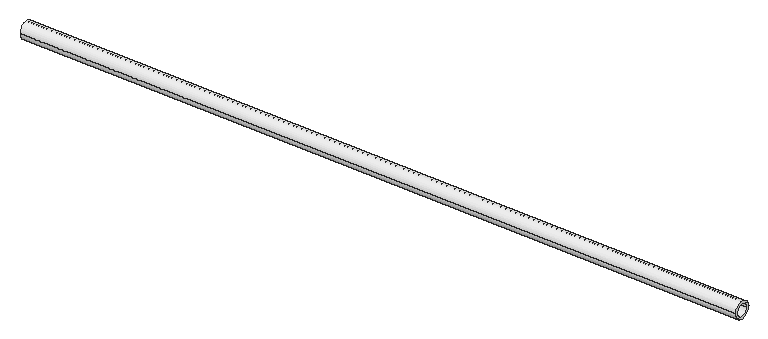
Revit family "CCV - Cortes circulares vazados", category Quadro estrutural, Revit 2019
Family settings
  Arredondamento do comprimento do framing estrutural = 1 mm
  Forma do corte = Não definido
  Material para o comportamento do modelo = Aço
  Exportar sempre como geometria = Não
  Sempre na vertical = Sim
  Corte com vazios quando carregada = Não
  Representação simbólica = Das configurações de projeto
  Compartilhado = Não
  Exibir o pré-corte da família na vista da planta = Sim
Parameters (values of type "CHS 26.7x2.9")
  W = 0.00169
  Structural Material [instance] = Metal - Aço - 250 MPa
  R0 = d0 / 2  # 13.35 mm
  Assembly Code = ""
  Length [instance] = 1500 mm
  d0 = 26.7 mm
  t = 2.9 mm
  A = 0.000215 m²
Reference planes
  plane 1 "Centro (Frente/Trás)": y = 0
  plane 2: z = 0
  plane 3 "Centro (Esquerda/Direita)": x = 4.61
  plane 4 "Membro esquerdo": x = -604.99
  plane 5 "Membro direito": x = 614.21
  plane 6: y = 13.35
  plane 7: y = -13.35
  plane 8 "Superior": z = 13.35
  plane 9: z = -13.35
  plane 10 "Esquerda": x = -757.39
  plane 11 "Direita": x = 742.61
Forms (mm)
  Sweep 1, solid, material "Metal - Aço - 250 MPa" <- "Structural Material", detail levels medium+fine
    path origin (0, 0, 0) x (1, 0, 0) y (0, 1, 0)
      loop
        line (-604.99, 0) -> (614.21, 0)
    profile "CHS-Seções do Furação Circular-Perfil : CHS-Seções do Furação Circular-Perfil" origin (4.61, 0, 0) x (0, 1, 0) y (0, 0, 1)
      loop
        circle (0, 0) r 10.45
      loop
        circle (0, 0) r 13.35
Lines and regions (mm)
  symbolic lines, style "Símbolos de vara", detail levels coarse
    curve 1: arc (-757.39, -13.35, 0) -> (-757.39, 0, 13.35) -> (-757.39, 13.35, 0) r 13.35
    curve 2: arc (-757.39, 13.35, 0) -> (-757.39, 0, -13.35) -> (-757.39, -13.35, 0) r 13.35
Dimensions and locks
  "d0": plane 6 to plane 7
  "d0": plane 9 to plane 8 "Superior"
  equal spacing: plane 9, plane 2, plane 8 "Superior"
  equal spacing: plane 6, plane 1 "Centro (Frente/Trás)", plane 7
  "Length": plane 10 "Esquerda" to plane 11 "Direita"
  aligned and locked: plane 1 "Centro (Frente/Trás)" to Sweep 1 sketch curve
  aligned and locked: curve 2 to Sweep 1
  aligned and locked: plane 4 "Membro esquerdo" to Sweep 1 sketch curve
  aligned and locked: plane 5 "Membro direito" to Sweep 1 sketch curve
Types in the file's own list only (148): name | W | R0 | d0 | t | A
  CHS 26.7x3.9 | 0.0022 | 13 mm | 27 mm | 4 mm | 0.00 m²
  CHS 33.4x3.4 | 0.0025 | 17 mm | 33 mm | 3 mm | 0.00 m²
  CHS 33.4x4.6 | 0.00324 | 17 mm | 33 mm | 5 mm | 0.00 m²
  CHS 33.4x6.4 | 0.00424 | 17 mm | 33 mm | 6 mm | 0.00 m²
  CHS 38.1x3 | 0.0026 | 19 mm | 38 mm | 3 mm | 0.00 m²
  CHS 38.1x5 | 0.00408 | 19 mm | 38 mm | 5 mm | 0.00 m²
  CHS 42.2x3.6 | 0.00339 | 21 mm | 42 mm | 4 mm | 0.00 m²
  CHS 42.2x4.9 | 0.00447 | 21 mm | 42 mm | 5 mm | 0.00 m²
  CHS 42.2x6.4 | 0.00561 | 21 mm | 42 mm | 6 mm | 0.00 m²
  CHS 42.2x9.7 | 0.00777 | 21 mm | 42 mm | 10 mm | 0.00 m²
  CHS 48.3x3.7 | 0.00405 | 24 mm | 48 mm | 4 mm | 0.00 m²
  CHS 48.3x5.1 | 0.00541 | 24 mm | 48 mm | 5 mm | 0.00 m²
  CHS 48.3x7.1 | 0.00725 | 24 mm | 48 mm | 7 mm | 0.00 m²
  CHS 48.3x10.2 | 0.00955 | 24 mm | 48 mm | 10 mm | 0.00 m²
  CHS 60.3x3.6 | 0.00501 | 30 mm | 60 mm | 4 mm | 0.00 m²
  CHS 60.3x3.9 | 0.00544 | 30 mm | 60 mm | 4 mm | 0.00 m²
  CHS 60.3x4.4 | 0.00603 | 30 mm | 60 mm | 4 mm | 0.00 m²
  CHS 60.3x4.8 | 0.00654 | 30 mm | 60 mm | 5 mm | 0.00 m²
  CHS 60.3x5.5 | 0.00748 | 30 mm | 60 mm | 6 mm | 0.00 m²
  CHS 60.3x6.4 | 0.00845 | 30 mm | 60 mm | 6 mm | 0.00 m²
  CHS 60.3x7.1 | 0.00936 | 30 mm | 60 mm | 7 mm | 0.00 m²
  CHS 60.3x8.7 | 0.0111 | 30 mm | 60 mm | 9 mm | 0.00 m²
  CHS 60.3x11.1 | 0.0134 | 30 mm | 60 mm | 11 mm | 0.00 m²
  CHS 73x4 | 0.00674 | 37 mm | 73 mm | 4 mm | 0.00 m²
  CHS 73x4.4 | 0.0074 | 37 mm | 73 mm | 4 mm | 0.00 m²
  CHS 73x4.8 | 0.00804 | 37 mm | 73 mm | 5 mm | 0.00 m²
  CHS 73x5.2 | 0.00863 | 37 mm | 73 mm | 5 mm | 0.00 m²
  CHS 73x5.5 | 0.00914 | 37 mm | 73 mm | 6 mm | 0.00 m²
  CHS 73x6.4 | 0.0104 | 37 mm | 73 mm | 6 mm | 0.00 m²
  CHS 73x7 | 0.0114 | 37 mm | 73 mm | 7 mm | 0.00 m²
  CHS 73x9.5 | 0.0149 | 37 mm | 73 mm | 10 mm | 0.00 m²
  CHS 73x14 | 0.0204 | 37 mm | 73 mm | 14 mm | 0.00 m²
  CHS 88.9x4.4 | 0.00911 | 44 mm | 89 mm | 4 mm | 0.00 m²
  CHS 88.9x4.8 | 0.00992 | 44 mm | 89 mm | 5 mm | 0.00 m²
  CHS 88.9x5.5 | 0.0113 | 44 mm | 89 mm | 6 mm | 0.00 m²
  CHS 88.9x6.4 | 0.0129 | 44 mm | 89 mm | 6 mm | 0.00 m²
  CHS 88.9x7.1 | 0.0144 | 44 mm | 89 mm | 7 mm | 0.00 m²
  CHS 88.9x7.6 | 0.0153 | 44 mm | 89 mm | 8 mm | 0.00 m²
  CHS 88.9x11.1 | 0.0213 | 44 mm | 89 mm | 11 mm | 0.00 m²
  CHS 88.9x15.2 | 0.0277 | 44 mm | 89 mm | 15 mm | 0.00 m²
  CHS 101.6x4 | 0.00954 | 51 mm | 102 mm | 4 mm | 0.00 m²
  CHS 101.6x4.4 | 0.0105 | 51 mm | 102 mm | 4 mm | 0.00 m²
  CHS 101.6x4.8 | 0.0114 | 51 mm | 102 mm | 5 mm | 0.00 m²
  CHS 101.6x5.7 | 0.0136 | 51 mm | 102 mm | 6 mm | 0.00 m²
  CHS 101.6x6.4 | 0.0149 | 51 mm | 102 mm | 6 mm | 0.00 m²
  CHS 101.6x7.1 | 0.0166 | 51 mm | 102 mm | 7 mm | 0.00 m²
  CHS 101.6x8.1 | 0.0186 | 51 mm | 102 mm | 8 mm | 0.00 m²
  CHS 114.3x4 | 0.0108 | 57 mm | 114 mm | 4 mm | 0.00 m²
  CHS 114.3x4.4 | 0.0118 | 57 mm | 114 mm | 4 mm | 0.00 m²
  CHS 114.3x4.8 | 0.0129 | 57 mm | 114 mm | 5 mm | 0.00 m²
  CHS 114.3x5.2 | 0.0139 | 57 mm | 114 mm | 5 mm | 0.00 m²
  CHS 114.3x5.6 | 0.0149 | 57 mm | 114 mm | 6 mm | 0.00 m²
  CHS 114.3x6 | 0.0161 | 57 mm | 114 mm | 6 mm | 0.00 m²
  CHS 114.3x6.4 | 0.0169 | 57 mm | 114 mm | 6 mm | 0.00 m²
  CHS 114.3x7.1 | 0.0189 | 57 mm | 114 mm | 7 mm | 0.00 m²
  CHS 114.3x7.9 | 0.0208 | 57 mm | 114 mm | 8 mm | 0.00 m²
  CHS 114.3x8.6 | 0.0223 | 57 mm | 114 mm | 9 mm | 0.00 m²
  CHS 114.3x11.1 | 0.0283 | 57 mm | 114 mm | 11 mm | 0.00 m²
  CHS 114.3x13.5 | 0.0335 | 57 mm | 114 mm | 14 mm | 0.00 m²
  CHS 114.3x17.1 | 0.041 | 57 mm | 114 mm | 17 mm | 0.01 m²
  CHS 141.3x5.6 | 0.0186 | 71 mm | 141 mm | 6 mm | 0.00 m²
  CHS 141.3x6.6 | 0.0218 | 71 mm | 141 mm | 7 mm | 0.00 m²
  CHS 141.3x7.1 | 0.0236 | 71 mm | 141 mm | 7 mm | 0.00 m²
  CHS 141.3x7.9 | 0.0261 | 71 mm | 141 mm | 8 mm | 0.00 m²
  CHS 141.3x8.7 | 0.0286 | 71 mm | 141 mm | 9 mm | 0.00 m²
  CHS 141.3x9.5 | 0.031 | 71 mm | 141 mm | 10 mm | 0.00 m²
  CHS 141.3x12.7 | 0.0403 | 71 mm | 141 mm | 13 mm | 0.01 m²
  CHS 141.3x15.9 | 0.0491 | 71 mm | 141 mm | 16 mm | 0.01 m²
  CHS 141.3x19.1 | 0.0574 | 71 mm | 141 mm | 19 mm | 0.01 m²
  CHS 168.3x4.8 | 0.0193 | 84 mm | 168 mm | 5 mm | 0.00 m²
  CHS 168.3x5.2 | 0.0208 | 84 mm | 168 mm | 5 mm | 0.00 m²
  CHS 168.3x5.6 | 0.0223 | 84 mm | 168 mm | 6 mm | 0.00 m²
  CHS 168.3x6.4 | 0.0254 | 84 mm | 168 mm | 6 mm | 0.00 m²
  CHS 168.3x7.1 | 0.0283 | 84 mm | 168 mm | 7 mm | 0.00 m²
  CHS 168.3x7.9 | 0.0313 | 84 mm | 168 mm | 8 mm | 0.00 m²
  CHS 168.3x8.7 | 0.0344 | 84 mm | 168 mm | 9 mm | 0.00 m²
  CHS 168.3x9.5 | 0.0373 | 84 mm | 168 mm | 10 mm | 0.00 m²
  CHS 168.3x11 | 0.0426 | 84 mm | 168 mm | 11 mm | 0.01 m²
  CHS 168.3x12.7 | 0.0487 | 84 mm | 168 mm | 13 mm | 0.01 m²
  CHS 168.3x14.3 | 0.0542 | 84 mm | 168 mm | 14 mm | 0.01 m²
  CHS 168.3x15.9 | 0.0597 | 84 mm | 168 mm | 16 mm | 0.01 m²
  CHS 168.3x18.3 | 0.0676 | 84 mm | 168 mm | 18 mm | 0.01 m²
  CHS 168.3x19.1 | 0.0701 | 84 mm | 168 mm | 19 mm | 0.01 m²
  CHS 168.3x22 | 0.0792 | 84 mm | 168 mm | 22 mm | 0.01 m²
  CHS 168.3x22.2 | 0.0801 | 84 mm | 168 mm | 22 mm | 0.01 m²
  CHS 219.1x7.9 | 0.0412 | 110 mm | 219 mm | 8 mm | 0.01 m²
  CHS 219.1x8.2 | 0.0425 | 110 mm | 219 mm | 8 mm | 0.01 m²
  CHS 219.1x8.7 | 0.0453 | 110 mm | 219 mm | 9 mm | 0.01 m²
  CHS 219.1x9.5 | 0.0493 | 110 mm | 219 mm | 10 mm | 0.01 m²
  CHS 219.1x10.3 | 0.0531 | 110 mm | 219 mm | 10 mm | 0.01 m²
  CHS 219.1x11.1 | 0.0571 | 110 mm | 219 mm | 11 mm | 0.01 m²
  CHS 219.1x12.7 | 0.0646 | 110 mm | 219 mm | 13 mm | 0.01 m²
  CHS 219.1x14.3 | 0.0721 | 110 mm | 219 mm | 14 mm | 0.01 m²
  CHS 219.1x15.1 | 0.0759 | 110 mm | 219 mm | 15 mm | 0.01 m²
  CHS 219.1x15.9 | 0.0796 | 110 mm | 219 mm | 16 mm | 0.01 m²
  CHS 219.1x18.3 | 0.0904 | 110 mm | 219 mm | 18 mm | 0.01 m²
  CHS 219.1x19.1 | 0.094 | 110 mm | 219 mm | 19 mm | 0.01 m²
  CHS 219.1x20.6 | 0.101 | 110 mm | 219 mm | 21 mm | 0.01 m²
  CHS 219.1x22.2 | 0.108 | 110 mm | 219 mm | 22 mm | 0.01 m²
  CHS 219.1x23 | 0.111 | 110 mm | 219 mm | 23 mm | 0.01 m²
  CHS 219.1x25.4 | 0.121 | 110 mm | 219 mm | 25 mm | 0.02 m²
  CHS 273x7.8 | 0.051 | 137 mm | 273 mm | 8 mm | 0.01 m²
  CHS 273x8.7 | 0.057 | 137 mm | 273 mm | 9 mm | 0.01 m²
  CHS 273x9.3 | 0.0603 | 137 mm | 273 mm | 9 mm | 0.01 m²
  CHS 273x11.1 | 0.0719 | 137 mm | 273 mm | 11 mm | 0.01 m²
  CHS 273x12.7 | 0.0815 | 137 mm | 273 mm | 13 mm | 0.01 m²
  CHS 273x14.3 | 0.0911 | 137 mm | 273 mm | 14 mm | 0.01 m²
  CHS 273x15.1 | 0.096 | 137 mm | 273 mm | 15 mm | 0.01 m²
  CHS 273x15.9 | 0.101 | 137 mm | 273 mm | 16 mm | 0.01 m²
  CHS 273x18.3 | 0.115 | 137 mm | 273 mm | 18 mm | 0.01 m²
  CHS 273x20.6 | 0.128 | 137 mm | 273 mm | 21 mm | 0.02 m²
  CHS 273x21.4 | 0.133 | 137 mm | 273 mm | 21 mm | 0.02 m²
  CHS 273x22.2 | 0.137 | 137 mm | 273 mm | 22 mm | 0.02 m²
  CHS 273x23.8 | 0.146 | 137 mm | 273 mm | 24 mm | 0.02 m²
  CHS 273x25.4 | 0.155 | 137 mm | 273 mm | 25 mm | 0.02 m²
  CHS 273x26.6 | 0.172 | 137 mm | 273 mm | 27 mm | 0.02 m²
  CHS 273x31.8 | 0.189 | 137 mm | 273 mm | 32 mm | 0.02 m²
  CHS 323.8x8.4 | 0.0652 | 162 mm | 324 mm | 8 mm | 0.01 m²
  CHS 323.8x8.7 | 0.0679 | 162 mm | 324 mm | 9 mm | 0.01 m²
  CHS 323.8x9.5 | 0.0739 | 162 mm | 324 mm | 10 mm | 0.01 m²
  CHS 323.8x10.3 | 0.0797 | 162 mm | 324 mm | 10 mm | 0.01 m²
  CHS 323.8x11.1 | 0.0858 | 162 mm | 324 mm | 11 mm | 0.01 m²
  CHS 323.8x12.7 | 0.0974 | 162 mm | 324 mm | 13 mm | 0.01 m²
  CHS 323.8x14.3 | 0.109 | 162 mm | 324 mm | 14 mm | 0.01 m²
  CHS 323.8x15.9 | 0.121 | 162 mm | 324 mm | 16 mm | 0.02 m²
  CHS 323.8x17.5 | 0.132 | 162 mm | 324 mm | 18 mm | 0.02 m²
  CHS 323.8x19.1 | 0.143 | 162 mm | 324 mm | 19 mm | 0.02 m²
  CHS 323.8x20.6 | 0.154 | 162 mm | 324 mm | 21 mm | 0.02 m²
  CHS 323.8x21.4 | 0.16 | 162 mm | 324 mm | 21 mm | 0.02 m²
  CHS 323.8x22.2 | 0.165 | 162 mm | 324 mm | 22 mm | 0.02 m²
  CHS 323.8x23.8 | 0.176 | 162 mm | 324 mm | 24 mm | 0.02 m²
  CHS 323.8x25.4 | 0.187 | 162 mm | 324 mm | 25 mm | 0.02 m²
  CHS 323.8x27 | 0.197 | 162 mm | 324 mm | 27 mm | 0.03 m²
  CHS 323.8x28.6 | 0.208 | 162 mm | 324 mm | 29 mm | 0.03 m²
  CHS 355.6x9.5 | 0.0813 | 178 mm | 356 mm | 10 mm | 0.01 m²
  CHS 355.6x10.3 | 0.0878 | 178 mm | 356 mm | 10 mm | 0.01 m²
  CHS 355.6x11.1 | 0.0946 | 178 mm | 356 mm | 11 mm | 0.01 m²
  CHS 355.6x11.9 | 0.101 | 178 mm | 356 mm | 12 mm | 0.01 m²
  CHS 355.6x12.7 | 0.107 | 178 mm | 356 mm | 13 mm | 0.01 m²
  CHS 355.6x14.3 | 0.12 | 178 mm | 356 mm | 14 mm | 0.02 m²
  CHS 355.6x15.1 | 0.127 | 178 mm | 356 mm | 15 mm | 0.02 m²
  CHS 355.6x15.9 | 0.133 | 178 mm | 356 mm | 16 mm | 0.02 m²
  CHS 355.6x17.5 | 0.146 | 178 mm | 356 mm | 18 mm | 0.02 m²
  CHS 355.6x19.1 | 0.158 | 178 mm | 356 mm | 19 mm | 0.02 m²
  CHS 355.6x20.6 | 0.17 | 178 mm | 356 mm | 21 mm | 0.02 m²
  CHS 355.6x22.2 | 0.183 | 178 mm | 356 mm | 22 mm | 0.02 m²
  CHS 355.6x23.8 | 0.195 | 178 mm | 356 mm | 24 mm | 0.02 m²
  CHS 355.6x25.4 | 0.207 | 178 mm | 356 mm | 25 mm | 0.03 m²
